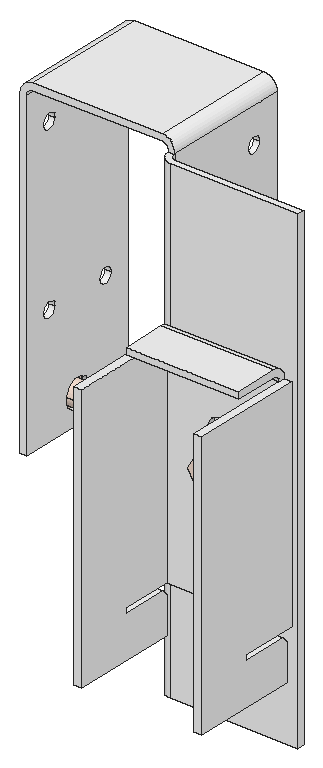
Revit family "KIRIIアングルクランプ(C100用)", category 機械設備, Revit 2020
Family settings
  丸型コネクタ寸法 = 直径を使用
  種別 = なし
  パーツ タイプ = 標準
  作業面ベース = いいえ
  常に垂直 = はい
  ロード時にボイドで切り取り = いいえ
  共有 = いいえ
  部屋計算ポイント = いいえ
Parameters
  製造元 = "株式会社桐井製作所"
  既定の高さ = 0 mm
  URL = "https://www.kirii.co.jp/"
  K_許容荷重(水平)野縁方向(N) = 640
  K_許容荷重(水平)野縁受け方向(N) = 780
  K_許容荷重(引張)(N) = 1920
  K_許容荷重(圧縮)(N) = 1910
  K_板厚(mm) = 2.3 mm
  K_品名 = "KIRIIアングルクランプ(C100用)"
  K_名称 = "支持構造部接合金具"
  K_剛性(野縁方向)(N/mm) = 474
  K_剛性(野縁受け方向)(N/mm) = 253
  K_バージョン情報 = "20250901"
Reference planes
  plane 1 "中心(正面/背面)": y = 0
  plane 2: z = 0
  plane 3 "中心(左/右)": x = 0
Forms (mm)
  Extrusion 1, solid
    sketch origin (0, 0, 80) x (1, 0, 0) y (0, 0, 1)
      loop
        line (0, -80) -> (2.3, -80) -> (2.3, 90.4)
        arc (2.3, 90.4) -> (0.953, 93.653) -> (-2.3, 95) r 4.6
        line (-2.3, 95) -> (-48.2, 95)
        arc (-48.2, 95) -> (-51.453, 93.653) -> (-52.8, 90.4) r 4.6
        line (-52.8, 90.4) -> (-52.8, -24.3) -> (-50.5, -24.3) -> (-50.5, 90.4)
        arc (-50.5, 90.4) -> (-49.826, 92.026) -> (-48.2, 92.7) r 2.3
        line (-48.2, 92.7) -> (-2.3, 92.7)
        arc (-2.3, 92.7) -> (-0.674, 92.026) -> (0, 90.4) r 2.3
        line (0, 90.4) -> (0, -80)
    from 0 to -45
  Extrusion 2, solid
    sketch origin (2.3, 0, 80) x (1, 0, 0) y (0, 1, 0)
      loop
        line (2.3, -5) -> (47.7, -5) -> (47.7, -2.7) -> (2.3, -2.7)
        arc (2.3, -2.7) -> (0.674, -2.026) -> (0, -0.4) r 2.3
        line (0, -0.4) -> (0, 45) -> (-2.3, 45) -> (-2.3, -0.4)
        arc (-2.3, -0.4) -> (-0.953, -3.653) -> (2.3, -5) r 4.6
    from 90 to -80
  Extrusion 3, solid
    sketch origin (0, 0, 80) x (1, 0, 0) y (0, 0, 1)
      loop
        circle (25, 0) r 5
      loop
        circle (25, 0) r 4.5
    from 2.7 to 0
  Extrusion 4, solid
    sketch origin (0, 0, 80) x (0, 1, 0) y (0, 0, 1)
      loop
        arc (-5, 36) -> (-6.347, 39.253) -> (-9.6, 40.6) r 4.6
        line (-9.6, 40.6) -> (-25, 40.6) -> (-25, 38.3) -> (-9.6, 38.3)
        arc (-9.6, 38.3) -> (-7.974, 37.626) -> (-7.3, 36) r 2.3
        line (-7.3, 36) -> (-7.3, -42) -> (-5, -42) -> (-5, 36)
    from 5 to 45
  Extrusion 5, solid
    sketch origin (0, 0, 80) x (1, 0, 0) y (0, 0, 1)
      loop
        line (2.3, 36) -> (2.3, -59) -> (5, -59) -> (5, 36) -> (2.3, 36)
      loop
        line (45, 36) -> (45, -59) -> (47.7, -59) -> (47.7, 36) -> (45, 36)
    from 5 to 45
  Extrusion 6, void
    sketch origin (0, 0, 80) x (0, 1, 0) y (0, 0, 1)
      loop
        line (-25.5, -42) -> (-25.5, -44) -> (-9, -44) -> (-7, -46) -> (-7, -59) -> (-5, -59) -> (-5, -42) -> (-25.5, -42)
    from 50 to 0
  Extrusion 7, void
    sketch origin (0, 0, 80) x (1, 0, 0) y (0, 0, 1)
      loop
        circle (25, 0) r 4.5
    from 5 to 2.7
  Extrusion 8, void
    sketch origin (0, 0, 80) x (1, 0, 0) y (0, 0, 1)
      loop
        arc (30.25, 12.25) -> (28.712, 15.962) -> (25, 17.5) r 5.25
        arc (25, 17.5) -> (21.288, 15.962) -> (19.75, 12.25) r 5.25
        line (19.75, 12.25) -> (19.75, -12.25)
        arc (19.75, -12.25) -> (21.288, -15.962) -> (25, -17.5) r 5.25
        arc (25, -17.5) -> (28.712, -15.962) -> (30.25, -12.25) r 5.25
        line (30.25, -12.25) -> (30.25, 12.25)
    from 7.3 to 5
  Extrusion 9, void
    sketch origin (0, 0, 80) x (0, 1, 0) y (0, 0, 1)
      loop
        circle (10, 17.7) r 2.75
      loop
        circle (35, 17.7) r 2.75
      loop
        circle (22.5, -14.3) r 5.25
      loop
        circle (35, 77.7) r 2.75
      loop
        circle (10, 77.7) r 2.75
    from 2.3 to 0
  Extrusion 10, void
    sketch origin (0, 0, 80) x (1, 0, 0) y (0, 0, 1)
      loop
        circle (25, -32) r 2.25
    from 7.3 to 5
  Extrusion 11, solid
    sketch origin (0, 0, 80) x (0, 1, 0) y (0, 0, 1)
      loop
        circle (22.5, -14.3) r 5.548
      loop
        circle (22.5, -14.3) r 4.5
    from 2.3 to 5
  Extrusion 12, void
    sketch origin (-5, 0, 105) x (0, 1, 0) y (0, 0, 1)
      loop
        circle (10, 52.7) r 2.75
      loop
        circle (35, 52.7) r 2.75
      loop
        circle (22.5, -39.3) r 5.25
      loop
        circle (10, -7.3) r 2.75
      loop
        circle (35, -7.3) r 2.75
    from -45.5 to -47.8
  Extrusion 13, void
    sketch origin (0, 0, 0) x (1, 0, 0) y (0, 0, 1)
      loop
        circle (40, 17.6) r 2.25
      loop
        circle (15, 17.6) r 2.25
    from 5 to 2.7
Cuts and joins
  Extrusion 8, Extrusion 9, Extrusion 12 cuts Extrusion 1
  Extrusion 7, Extrusion 8, Extrusion 9, Extrusion 13 cuts Extrusion 2
  Extrusion 8, Extrusion 9 cuts Extrusion 3
  joined: Extrusion 1, Extrusion 2, Extrusion 3, Extrusion 11
  Extrusion 8, Extrusion 10 cuts Extrusion 4
  Extrusion 6 cuts Extrusion 5
  joined: Extrusion 4, Extrusion 5
Dimensions and locks
  aligned and locked: level to plane 2
Nested families
  nested 1: "M10×60ボルト" at (-56.8, 22.5, 65.7) x (0, -1, 0) z (0, 0, 1), type "M10×60ボルト"
  nested 2: "M10×25ボルト" at (25, -11.3, 80) x (-1, 0, 0) z (0, 0, 1), type "M10×25ボルト"
Definition of nested family "M10×60ボルト"
  Parameters (values of type "M10×60ボルト")
    Manufacturer = "株式会社桐井製作所"
    Default Elevation = 0 mm
    URL = "https://www.kirii.co.jp/"
    K_材料規格 = "M10×L60"
    K_品名 = "M10×60ボルト"
    K_名称 = "M10×60ボルト"
    K_備考 = "KIRIIアングルクランプ付属品"
  Reference planes
    plane 1 "中心(正面/背面)": y = 0
    plane 2: z = 0
    plane 3 "中心(左/右)": x = 0
    plane 4: x = 8
    plane 5: x = -8
    plane 6 "正面": y = -4
    plane 7: z = 8
    plane 8: z = -8
  Forms (mm)
    Extrusion 1, solid
      sketch origin (0, 0, 0) x (1, 0, 0) y (0, 0, 1)
        loop
          line (-4.619, 8) -> (-9.238, 0) -> (-4.619, -8) -> (4.619, -8) -> (9.238, 0) -> (4.619, 8) -> (-4.619, 8)
      from 0 to 4
    Extrusion 2, solid
      sketch origin (0, 0, 25.676) x (1, 0, 0) y (0, 0, 1)
        loop
          circle (0, -25.676) r 4.1
      from 4 to 64
  Cuts and joins
    joined: Extrusion 1, Extrusion 2
  Lines and regions (mm)
    model lines
      curve 1: circle (0, 0, 0) r 8 normal (0, -1, 0)
  Dimensions and locks
    aligned and locked: level to plane 2
Definition of nested family "M10×25ボルト"
  Parameters (values of type "M10×25ボルト")
    Manufacturer = "株式会社桐井製作所"
    Default Elevation = 0 mm
    URL = "https://www.kirii.co.jp/"
    K_材料規格 = "M10×L25"
    K_品名 = "M10×25ボルト"
    K_名称 = "M10×25ボルト"
    K_備考 = "KIRIIアングルクランプ付属品"
  Reference planes
    plane 1 "中心(正面/背面)": y = 0
    plane 2: z = 0
    plane 3 "中心(左/右)": x = 0
    plane 4: x = 8
    plane 5: x = -8
    plane 6 "正面": y = -4
    plane 7: z = 8
    plane 8: z = -8
  Forms (mm)
    Extrusion 1, solid
      sketch origin (0, 0, 0) x (1, 0, 0) y (0, 0, 1)
        loop
          line (-4.619, 8) -> (-9.238, 0) -> (-4.619, -8) -> (4.619, -8) -> (9.238, 0) -> (4.619, 8) -> (-4.619, 8)
      from 0 to 4
    Extrusion 2, solid
      sketch origin (0, 0, 25.676) x (1, 0, 0) y (0, 0, 1)
        loop
          circle (0, -25.676) r 4.1
      from 4 to 29
  Cuts and joins
    joined: Extrusion 1, Extrusion 2
  Lines and regions (mm)
    model lines
      curve 1: circle (0, 0, 0) r 8 normal (0, -1, 0)
  Dimensions and locks
    aligned and locked: level to plane 2
